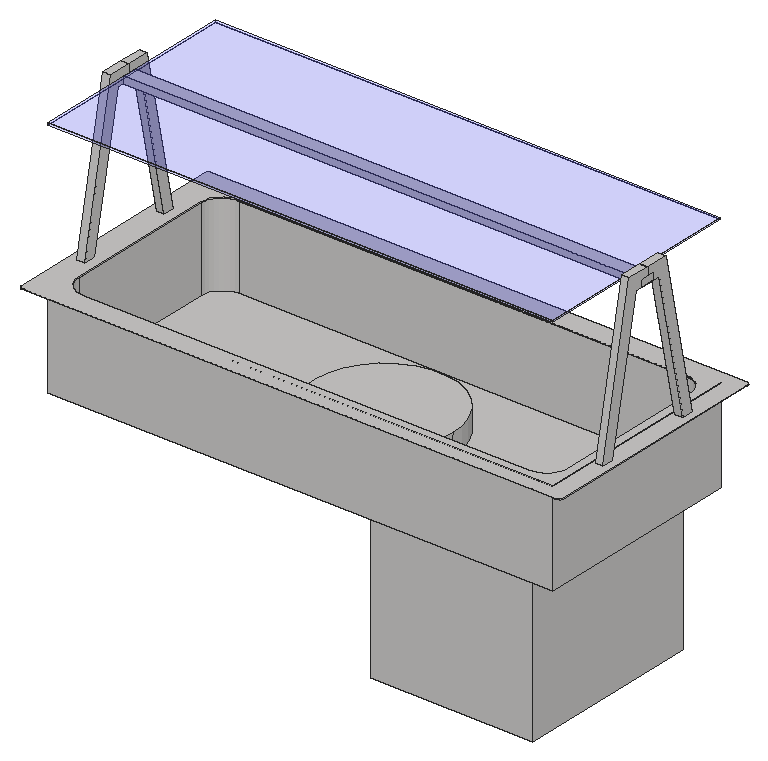
Revit family "QF_ELECTROLUXPROFESSIONAL_341176_D11C4O", category Specialty Equipment, Revit 2023
Family settings
  Round Connector Dimension = Use Diameter
  Part Type = Normal
  Work Plane-Based = No
  Enable Cutting in Views = No
  Always vertical = Yes
  Cut with Voids When Loaded = No
  Maintain Annotation Orientation = No
  Shared = No
  Room Calculation Point = No
Parameters (values of type "Standard")
  Weight = 81.10 kg
  Watts = 0 W
  Volts = 220 V
  URL Manufacturer = "http://www.electroluxprofessional.com"
  URL = "http://www.electroluxprofessional.com"
  Steam Supply Size = 0 mm
  Steam Supply Minimum Pressure = 0.0 Pa
  Steam Supply Maximum Pressure = 0.0 Pa
  Steam Consumption per Hour = 0
  Refrigeration Suction Line Size = 0 mm
  Refrigeration Liquid Line Size = 0 mm
  Refrigerant Compressor Remote = yes
  Default Elevation = 0 mm
  Manufacturer = "Electrolux Professional"
  Phase = 1
  Model = "D11C4O"
  Length Actual = 1420 mm
  Item Number = "341176"
  Hot Water Size = 0 mm
  Height Actual = 999 mm
  HP = "0.8 HP"
  Gas Size = 0 mm
  Gas KW = 0
  Gas Input Pressure = 0 W
  Direct Waste Size = 25.4 mm
  Description = "DROP-IN REFRIGERATED WELL, STATIC WITH FAN, 4GN WITH A TYPE OVERSHELF AND LED LIGHT"
  Depth Actual = 620 mm
  Cycle = 50 Hz
  Condensate Return Size = 0 mm
  Compressed Air Volume = 0.0 L/s
  Compressed Air Size = 0 mm
  Compressed Air Pressure = 0.0 Pa
  Cold Water Size = 0 mm
  Accessory = no
Reference planes
  plane 1 "BACK": y = 0
  plane 2: z = 5.426
  plane 3 "LEFT": x = 0
  plane 4: y = -620
  plane 5: x = 1420
  plane 6: z = 409.426
  plane 7: y = -310
  plane 8: x = 710
Forms (mm)
  Extrusion 1, solid, material "QF_Finishes_Stainless Steel"
    sketch origin (0, 0, 5.426) x (1, 0, 0) y (0, 1, 0)
      loop
        arc (10, 0) -> (2.929, -2.929) -> (0, -10) r 10
        line (0, -10) -> (0, -610)
        arc (0, -610) -> (2.929, -617.071) -> (10, -620) r 10
        line (10, -620) -> (1410, -620)
        arc (1410, -620) -> (1417.071, -617.071) -> (1420, -610) r 10
        line (1420, -610) -> (1420, -10)
        arc (1420, -10) -> (1417.071, -2.929) -> (1410, 0) r 10
        line (1410, 0) -> (10, 0)
    from 0 to 1
  Extrusion 2, solid, material "QF_Finishes_Stainless Steel"
    sketch origin (0, 0, 12.548) x (1, 0, 0) y (0, 1, 0)
      loop
        line (50, -35) -> (50, -585) -> (1370, -585) -> (1370, -35) -> (50, -35)
    from -251.122 to -7.122
  Extrusion 3, void
    sketch origin (0, 0, -2.817) x (1, 0, 0) y (0, 1, 0)
      loop
        arc (125, -55) -> (86.109, -71.109) -> (70, -110) r 55
        line (70, -110) -> (70, -510)
        arc (70, -510) -> (86.109, -548.891) -> (125, -565) r 55
        line (125, -565) -> (1295, -565)
        arc (1295, -565) -> (1333.891, -548.891) -> (1350, -510) r 55
        line (1350, -510) -> (1350, -110)
        arc (1350, -110) -> (1333.891, -71.109) -> (1295, -55) r 55
        line (1295, -55) -> (125, -55)
    from -209.107 to 9.244
  Extrusion 4, solid, material "QF_Finishes_Stainless Steel"
    sketch origin (21.5, -620, 0) x (0, -1, 0) y (0, 0, -1)
      loop
        line (-310, -409.426) -> (-250.873, -409.426) -> (-165, -5.426) -> (-195, -5.426) -> (-272.583, -370.426) -> (-310, -370.426) -> (-310, -409.426)
    from 0 to 20
  Extrusion 5, solid, material "QF_Finishes_Stainless Steel"
    sketch origin (21.5, 0, 0) x (0, 1, 0) y (0, 0, 1)
      loop
        line (-310, 409.426) -> (-310, 370.426) -> (-272.583, 370.426) -> (-195, 5.426) -> (-165, 5.426) -> (-250.873, 409.426) -> (-310, 409.426)
    from 0 to 20
  Extrusion 6, solid, material "QF_Finishes_Stainless Steel"
    sketch origin (1398.5, -620, 0) x (0, -1, 0) y (0, 0, 1)
      loop
        line (-310, 409.426) -> (-310, 370.426) -> (-272.583, 370.426) -> (-195, 5.426) -> (-165, 5.426) -> (-250.873, 409.426) -> (-310, 409.426)
    from 0 to 20
  Extrusion 7, solid, material "QF_Finishes_Stainless Steel"
    sketch origin (1398.5, 0, 0) x (0, 1, 0) y (0, 0, -1)
      loop
        line (-310, -409.426) -> (-250.873, -409.426) -> (-165, -5.426) -> (-195, -5.426) -> (-272.583, -370.426) -> (-310, -370.426) -> (-310, -409.426)
    from 0 to 20
  Extrusion 8, solid, material "QF_Finishes_Stainless Steel"
    sketch origin (0, 0, 0) x (0, 1, 0) y (0, 0, 1)
      loop
        line (-291.292, 370.426) -> (-291.292, 387.956) -> (-328.917, 387.956) -> (-328.917, 370.426) -> (-291.292, 370.426)
    from 21.5 to 1398.5
  Extrusion 9, solid, material "Vetro"
    sketch origin (0, 0, 5.426) x (1, 0, 0) y (0, 1, 0)
      loop
        line (50, -35) -> (50, -585) -> (1370, -585) -> (1370, -35) -> (50, -35)
    from 382.529 to 387.529
  Extrusion 10, solid, material "QF_Finishes_Stainless Steel"
    sketch origin (329.693, -341.308, -643.387) x (0, 0, -1) y (0, 1, 0)
      loop
        circle (-372.814, -140.692) r 12.7
    from 5 to 70.307
  Extrusion 11, solid, material "QF_Finishes_Stainless Steel"
    sketch origin (0, 0, 5.426) x (1, 0, 0) y (0, 1, 0)
      loop
        circle (386.025, -481.971) r 12.675
    from -276 to -244
  Extrusion 12, solid, material "QF_Finishes_Stainless Steel"
    sketch origin (1725.693, 0, 22.375) x (-1, 0, 0) y (0, -1, 0)
      loop
        circle (1015.693, 310) r 180
    from -234.299 to -181.299
  Extrusion 13, solid, material "QF_Finishes_Stainless Steel"
    sketch origin (299.8, 0, 0.351) x (0, 1, 0) y (0, 0, 1)
      loop
        line (-161.185, -238.924) -> (-461.185, -238.924) -> (-461.185, -268.924) -> (-161.185, -268.924) -> (-161.185, -238.924)
    from 247.74 to 572.66
  Extrusion 14, solid, material "QF_Finishes_Stainless Steel"
    sketch origin (1542.74, 95, -362.649) x (0, 1, 0) y (0, 0, -1)
      loop
        line (-161.185, -124.076) -> (-161.185, 268.924) -> (-651.185, 268.924) -> (-651.185, -124.076) -> (-161.185, -124.076)
    from 247.74 to 670.28
Cuts and joins
  Extrusion 3 cuts Extrusion 1
  Extrusion 3 cuts Extrusion 2
Dimensions and locks
  equal spacing: Extrusion 1, Extrusion 2 sketch curve, Extrusion 2 sketch curve, Extrusion 1  (x2)
  Extrusion 1 to Extrusion 1 = 1420 mm
  Extrusion 1 to plane 1 "BACK" = 620 mm
  equal spacing: Extrusion 2, Extrusion 3 sketch curve, Extrusion 3 sketch curve, Extrusion 2  (x2)
  plane 6 to plane 2 = 404 mm
  equal spacing: plane 3 "LEFT", plane 8, plane 5
  Extrusion 5 to plane 8 to Extrusion 7 = 668.5 mm, 668.5 mm
  aligned and locked: level to plane 2
Automatic sketch dimensions
  Extrusion 1 sketch curve to plane 3 "LEFT" = 0 mm
  plane 4 to Extrusion 1 sketch curve = 0 mm
  plane 1 "BACK" to Extrusion 1 sketch curve = 0 mm
  Extrusion 1 sketch curve to plane 5 = 0 mm
  plane 3 "LEFT" to Extrusion 1 sketch curve = 10 mm  (x2)
  plane 5 to Extrusion 1 sketch curve = 10 mm  (x2)
  plane 3 "LEFT" to Extrusion 2 sketch curve = 50 mm
  plane 5 to Extrusion 2 sketch curve = 50 mm
  Extrusion 2 sketch curve to plane 4 = 35 mm
  plane 1 "BACK" to Extrusion 2 sketch curve = 35 mm
  plane 3 "LEFT" to Extrusion 3 sketch curve = 70 mm
  Extrusion 3 sketch curve to Extrusion 3 sketch curve = 55 mm  (x3)
  Extrusion 3 sketch curve to plane 4 = 55 mm
  plane 5 to Extrusion 3 sketch curve = 125 mm  (x2)
  plane 1 "BACK" to Extrusion 3 sketch curve = 110 mm
  Extrusion 4 sketch curve to plane 7 = 0 mm
  plane 6 to Extrusion 4 sketch curve = 0 mm
  Extrusion 4 sketch curve to level = 0 mm
  Extrusion 4 sketch curve to Extrusion 4 sketch curve = 37.417 mm
  Extrusion 4 sketch curve to Extrusion 4 sketch curve = 21.71 mm
  plane 7 to Extrusion 4 sketch curve = 115 mm
  Extrusion 4 sketch curve to Extrusion 4 sketch curve = 30 mm
  Extrusion 4 sketch curve to Extrusion 4 sketch curve = 39 mm
  Extrusion 5 sketch curve to plane 7 = 0 mm
  plane 6 to Extrusion 5 sketch curve = 0 mm
  Extrusion 5 sketch curve to level = 0 mm
  Extrusion 5 sketch curve to Extrusion 5 sketch curve = 37.417 mm
  Extrusion 5 sketch curve to Extrusion 5 sketch curve = 21.71 mm
  plane 7 to Extrusion 5 sketch curve = 115 mm
  Extrusion 5 sketch curve to Extrusion 5 sketch curve = 30 mm
  Extrusion 5 sketch curve to Extrusion 5 sketch curve = 39 mm
  Extrusion 6 sketch curve to plane 7 = 0 mm
  plane 6 to Extrusion 6 sketch curve = 0 mm
  Extrusion 6 sketch curve to level = 0 mm
  Extrusion 6 sketch curve to Extrusion 6 sketch curve = 37.417 mm
  Extrusion 6 sketch curve to Extrusion 6 sketch curve = 21.71 mm
  Extrusion 6 sketch curve to plane 7 = 115 mm
  Extrusion 6 sketch curve to Extrusion 6 sketch curve = 30 mm
  Extrusion 6 sketch curve to Extrusion 6 sketch curve = 39 mm
  Extrusion 7 sketch curve to plane 7 = 0 mm
  plane 6 to Extrusion 7 sketch curve = 0 mm
  Extrusion 7 sketch curve to level = 0 mm
  Extrusion 7 sketch curve to Extrusion 7 sketch curve = 37.417 mm
  Extrusion 7 sketch curve to Extrusion 7 sketch curve = 21.71 mm
  plane 7 to Extrusion 7 sketch curve = 115 mm
  Extrusion 7 sketch curve to Extrusion 7 sketch curve = 30 mm
  Extrusion 7 sketch curve to Extrusion 7 sketch curve = 39 mm
  Extrusion 8 sketch curve to plane 7 = 18.917 mm
  plane 7 to Extrusion 8 sketch curve = 18.708 mm
  plane 6 to Extrusion 8 sketch curve = 39 mm
  Extrusion 8 sketch curve to Extrusion 8 sketch curve = 17.529 mm
  plane 3 "LEFT" to Extrusion 9 sketch curve = 50 mm
  plane 5 to Extrusion 9 sketch curve = 50 mm
  Extrusion 9 sketch curve to plane 4 = 35 mm
  plane 1 "BACK" to Extrusion 9 sketch curve = 35 mm
  Extrusion 10 sketch curve to level = 276 mm
  Extrusion 10 sketch curve to plane 4 = 138 mm
  Extrusion 11 sketch curve to plane 4 = 138.029 mm
  Extrusion 11 sketch curve to plane 8 = 323.975 mm
  Extrusion 12 sketch curve to plane 7 = 0 mm
  Extrusion 12 sketch curve to plane 8 = 0 mm
  Extrusion 13 sketch curve to plane 7 = 151.185 mm
  plane 7 to Extrusion 13 sketch curve = 148.815 mm
  Extrusion 13 sketch curve to level = 274 mm
  Extrusion 13 sketch curve to Extrusion 13 sketch curve = 30 mm
  Extrusion 14 sketch curve to plane 7 = 246.185 mm
  plane 7 to Extrusion 14 sketch curve = 243.815 mm
  Extrusion 14 sketch curve to level = 244 mm
  Extrusion 14 sketch curve to Extrusion 14 sketch curve = 393 mm
  radius of Extrusion 10 sketch curve = 12.7 mm
  radius of Extrusion 11 sketch curve = 12.675 mm
  radius of Extrusion 12 sketch curve = 180 mm
Connectors
  piping at (334.693, -482, -270.574), diameter 25.4
    settings: on Extrusion 10, index 5, connector inside diameter 609.6 mm, connector length 0 mm, flow factor 0, pipe flow 0.0 L/s, pressure drop 0.0 Pa, fitting loss kfactor 0, connector angle 0.00°, fixture units 0, engagement length 0 mm, angle of deflection 0.00°, flow configuration 0, flow direction 0, fitting loss method 0, system type 29, joint type 0, gender type 0, connector reference index -1, connector utility 0, adjustable connector no, is connector primary yes, connector description "D"
